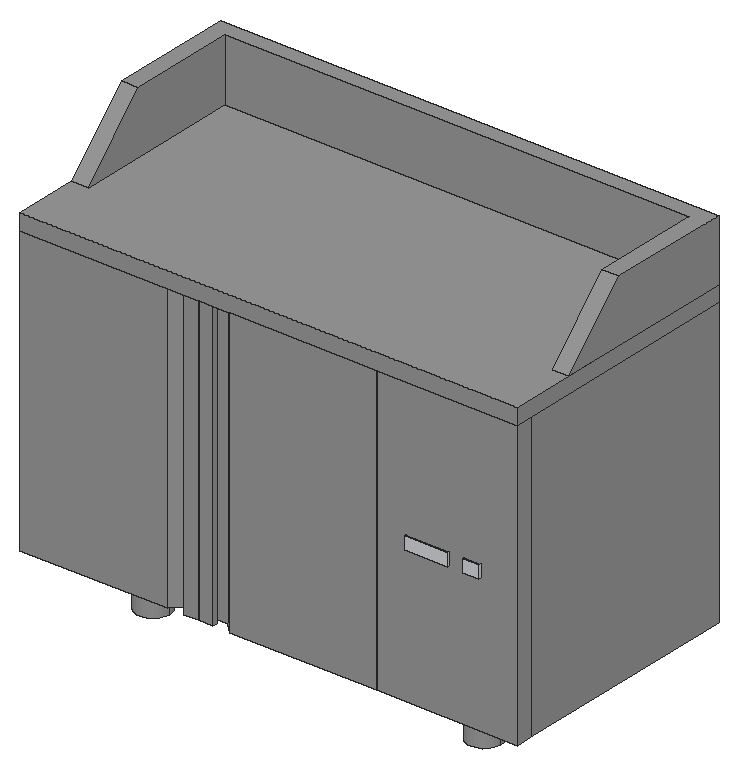
Revit family "Холодильные столы для приготовления пиццы_1", category Оборудование, Revit 2020 (continued)
Lines and regions (mm)
  model lines, visible <- "Боковая панель упр. (3 решетки)", detail levels fine
    curve 777: line (542, -605, 560) -> (562.001, -605, 560)
    curve 778: line (542, -605, 550) -> (562.001, -605, 550)
    curve 779: line (542, -605, 540) -> (562.001, -605, 540)
    curve 780: line (542, -605, 530) -> (562.001, -605, 530)
    curve 781: line (542, -605, 520) -> (562.001, -605, 520)
    curve 782: line (542, -605, 510) -> (562.001, -605, 510)
    curve 783: line (542, -605, 500) -> (562.001, -605, 500)
    curve 784: line (542, -605, 490) -> (562.001, -605, 490)
    curve 785: line (542, -605, 480) -> (562.001, -605, 480)
    curve 786: line (542, -605, 470) -> (562.001, -605, 470)
    curve 787: line (542, -605, 460) -> (562.001, -605, 460)
    curve 788: line (542, -605, 450) -> (562.001, -605, 450)
    curve 789: line (542, -605, 450) -> (542, -605, 600)
Dimensions and locks
  "Высота": plane 4 to plane 2
  plane 6 to plane 4 = 150 mm
  "Глубина": plane 1 "По центру (Вперед/Назад)" to plane 5
  locked: plane 4 to plane 7 at 40
  locked: plane 8 to plane 2 at 120
  equal spacing: plane 10, plane 3 "По центру (Влево/Вправо)", plane 9
  "Ширина": plane 10 to plane 9
  locked: plane 10 to plane 11 at 340
  plane 5 to plane 12 = 40 mm
  equal spacing: plane 7, plane 13, plane 8
  locked: plane 15 to plane 9 at 200
  locked: plane 10 to plane 14 at 200
  locked: plane 5 to plane 17 at 150
  locked: plane 16 to plane 1 "По центру (Вперед/Назад)" at 150
  locked: Extrusion 7 to Extrusion 7 at 4.018
  locked: Extrusion 2 to Extrusion 7 at 90
  locked: Extrusion 8 to Extrusion 8 at 4.018
  Extrusion 8 to Extrusion 8 = 105 mm
  Extrusion 8 to plane 13 to Extrusion 8 = 15 mm, 15 mm
  locked: Extrusion 10 to Extrusion 10 at 40
  locked: Extrusion 10 to Extrusion 10 at 35.251
  locked: plane 18 to plane 11 at 430
  locked: plane 20 to plane 9 at 430
  locked: plane 19 to plane 20 at 430
  locked: Extrusion 10 to Extrusion 10 at 430
  locked: Extrusion 11 to Extrusion 11 at 40
  locked: Extrusion 11 to Extrusion 11 at 35.251
  locked: Extrusion 11 to Extrusion 11 at 430
  locked: Extrusion 12 to Extrusion 12 at 40
  locked: Extrusion 12 to Extrusion 12 at 35.251
  locked: Extrusion 12 to Extrusion 12 at 430
  locked: Extrusion 13 to Extrusion 13 at 40
  locked: Extrusion 13 to Extrusion 13 at 35.251
  locked: Extrusion 13 to Extrusion 13 at 430
  locked: Extrusion 14 to Extrusion 14 at 430
  locked: Extrusion 15 to Extrusion 15 at 430
  locked: Extrusion 16 to Extrusion 16 at 430
  plane 7 to plane 22 to plane 21 to plane 8 = 230 mm, 230 mm, 230 mm
  locked: Extrusion 17 to Extrusion 17 at 40
  locked: Extrusion 17 to Extrusion 17 at 35.251
  locked: Extrusion 17 to Extrusion 17 at 430
  locked: Extrusion 18 to Extrusion 18 at 40
  locked: Extrusion 18 to Extrusion 18 at 35.251
  locked: Extrusion 18 to Extrusion 18 at 430
  locked: Extrusion 19 to Extrusion 19 at 40
  locked: Extrusion 19 to Extrusion 19 at 35.251
  locked: Extrusion 19 to Extrusion 19 at 430
  locked: Extrusion 17 to Extrusion 19 at 40
  locked: Extrusion 20 to Extrusion 20 at 40
  locked: Extrusion 20 to Extrusion 20 at 35.251
  locked: Extrusion 20 to Extrusion 20 at 430
  locked: Extrusion 21 to Extrusion 21 at 15.251
  locked: Extrusion 22 to Extrusion 22 at 66.042
  locked: plane 10 to Extrusion 22 at 93.958
  Extrusion 23 to Extrusion 23 to Extrusion 22 = 31.374 mm locked, 11.126 mm locked
  locked: Extrusion 23 to plane 8 at 37.295
  Extrusion 21 to curve 513 = 66.749 mm
  locked: curve 513 to plane 10 at 66.749
  locked: plane 10 to curve 389 at 572
  curve 537 to Extrusion 24 = 92.013 mm
  curve 535 to Extrusion 24 = 92 mm
  curve 536 to Extrusion 24 = 70 mm
  Extrusion 24 to curve 543 = 38 mm
  curve 545 to Extrusion 24 = 38 mm
  locked: Extrusion 25 to Extrusion 25 at 4.018
  locked: Extrusion 26 to Extrusion 25 at 37.592
  locked: plane 24 to plane 23 at 92
  locked: plane 24 to plane 25 at 340.013
  locked: plane 25 to Extrusion 27 at 40.013
  locked: Extrusion 27 to plane 9 at 40.243
  locked: Extrusion 27 to plane 1 "По центру (Вперед/Назад)" at 40.027
  locked: plane 5 to plane 26 at 155
  locked: plane 27 to plane 26 at 150
  radius of Extrusion 3 sketch curve = 40 mm
  radius of Extrusion 5 sketch curve = 40 mm
  aligned and locked: level to plane 2
  aligned and locked: plane 1 "По центру (Вперед/Назад)" to Extrusion 1 sketch curve
  aligned and locked: plane 8 to Extrusion 1 sketch curve
  aligned and locked: Extrusion 1 to plane 9
  aligned and locked: plane 10 to Extrusion 1
  aligned and locked: Extrusion 2 sketch curve to plane 7
  aligned and locked: plane 11 to Extrusion 2 sketch curve
  aligned and locked: plane 5 to Extrusion 2
  aligned and locked: plane 12 to Extrusion 2
  aligned and locked: Extrusion 1 sketch curve to plane 7
  aligned and locked: plane 12 to Extrusion 1 sketch curve
  aligned and locked: Extrusion 3 to level
  aligned and locked: plane 8 to Extrusion 3
  aligned and locked: Extrusion 4 to level
  aligned and locked: plane 8 to Extrusion 4
  aligned and locked: Extrusion 5 to level
  aligned and locked: plane 8 to Extrusion 5
  aligned and locked: Extrusion 6 to level
  aligned and locked: plane 8 to Extrusion 6
  aligned and locked: Extrusion 7 to plane 5
  aligned and locked: Extrusion 2 to Extrusion 1
  aligned and locked: plane 5 to Extrusion 7
  aligned and locked: Extrusion 8 to plane 5
  aligned and locked: Extrusion 9 sketch curve to plane 5
  aligned and locked: plane 7 to Extrusion 9 sketch curve
  aligned and locked: plane 1 "По центру (Вперед/Назад)" to Extrusion 9 sketch curve
  aligned and locked: Extrusion 9 sketch curve to plane 4
  aligned and locked: Extrusion 9 to Extrusion 1  (x2)
  aligned and locked: plane 7 to Extrusion 10
  aligned and locked: Extrusion 10 to plane 8
  aligned and locked: plane 11 to Extrusion 10
  aligned and locked: plane 18 to Extrusion 10
  aligned and locked: plane 18 to Extrusion 11
  aligned and locked: plane 11 to Extrusion 14
  aligned and locked: Extrusion 15 to plane 9
  aligned and locked: Extrusion 16 to Extrusion 15
  aligned and locked: Extrusion 17 to plane 21
  aligned and locked: plane 10 to Extrusion 17
  aligned and locked: Extrusion 18 to plane 9
  aligned and locked: Extrusion 21 sketch curve to Extrusion 18
  aligned and locked: Extrusion 21 sketch curve to Extrusion 1  (x2)
  aligned and locked: Extrusion 21 to Extrusion 1
  aligned and locked: curve 387 to curve 406
  aligned and locked: curve 511 to curve 530
  aligned and locked: curve 513 to curve 484
  aligned and locked: curve 389 to curve 360
  aligned and locked: Extrusion 22 to plane 5
  aligned and locked: Extrusion 22 to Extrusion 7
  aligned and locked: Extrusion 23 to plane 5
  aligned and locked: Extrusion 23 to Extrusion 22  (x2)
  aligned and locked: Extrusion 24 to Extrusion 1
  aligned and locked: plane 5 to Extrusion 24
  aligned and locked: plane 7 to Extrusion 24
  aligned and locked: Extrusion 24 to plane 8
  aligned and locked: Extrusion 25 to Extrusion 26
  aligned and locked: plane 24 to Extrusion 24
  aligned and locked: plane 25 to Extrusion 24
  aligned and locked: Extrusion 25 to plane 23
  aligned and locked: plane 11 to plane 24
  aligned and locked: Extrusion 27 to plane 4
  aligned and locked: plane 25 to Extrusion 27
  aligned and locked: Extrusion 27 to plane 9
  aligned and locked: Extrusion 27 to plane 26  (x2)
  aligned and locked: plane 6 to Extrusion 27
  aligned and locked: plane 6 to Extrusion 28 sketch curve
  aligned and locked: Extrusion 28 sketch curve to plane 26
  aligned and locked: Extrusion 28 to Extrusion 27  (x2)
  aligned and locked: plane 6 to Extrusion 28
  aligned and locked: Extrusion 29 sketch curve to plane 6
  aligned and locked: plane 26 to Extrusion 29 sketch curve
  aligned and locked: Extrusion 29 to cut or joined group of Extrusion 27, Extrusion 28, Extrusion 29  (x2)
Automatic sketch dimensions
  Extrusion 3 sketch curve to plane 15 = 0 mm
  Extrusion 3 sketch curve to plane 16 = 0 mm
  Extrusion 5 sketch curve to plane 15 = 0 mm
  Extrusion 5 sketch curve to plane 17 = 0 mm
  curve 511 to curve 510 = 190 mm
  curve 530 to curve 529 = 18.028 mm  (x4)
  curve 518 to curve 519 = 18.028 mm  (x2)
  curve 526 to curve 527 = 18.028 mm  (x2)
  curve 530 to curve 531 = 18.028 mm  (x2)
  curve 518 to curve 517 = 18.028 mm  (x4)
  curve 511 to curve 533 = 15 mm  (x3)
  curve 526 to curve 525 = 18.028 mm  (x2)
  curve 510 to curve 515 = 18.028 mm
  curve 522 to curve 521 = 18.028 mm  (x4)
  curve 522 to curve 523 = 18.028 mm  (x2)
  curve 525 to curve 526 = 18.028 mm  (x2)
  curve 515 to curve 514 = 18.028 mm  (x2)
  curve 515 to curve 516 = 18.028 mm  (x2)
  curve 521 to curve 520 = 18.028 mm  (x2)
  curve 527 to curve 528 = 18.028 mm  (x2)
  curve 531 to curve 532 = 18.028 mm  (x2)
  curve 529 to curve 530 = 18.028 mm  (x2)
  curve 523 to curve 524 = 18.028 mm  (x2)
  curve 514 to curve 410 = 13 mm  (x3)
  curve 530 to curve 490 = 13 mm  (x3)
  curve 518 to curve 430 = 13 mm  (x5)
  curve 526 to curve 470 = 13 mm  (x3)
  curve 522 to curve 450 = 13 mm  (x5)
  curve 430 to curve 517 = 10.198 mm  (x2)
  curve 430 to curve 519 = 10.198 mm  (x2)
  curve 450 to curve 521 = 10.198 mm  (x2)
  curve 450 to curve 523 = 10.198 mm  (x2)
  curve 470 to curve 525 = 10.198 mm  (x4)
  curve 470 to curve 527 = 10.198 mm  (x2)
  curve 490 to curve 529 = 10.198 mm  (x2)
  curve 532 to curve 533 = 18.028 mm  (x2)
  curve 490 to curve 531 = 10.198 mm  (x2)
  curve 410 to curve 515 = 10.198 mm  (x2)
  curve 531 to curve 495 = 13 mm  (x3)
  curve 523 to curve 455 = 13 mm  (x5)
  curve 515 to curve 415 = 13 mm  (x3)
  curve 533 to curve 505 = 13 mm  (x3)
  curve 521 to curve 445 = 13 mm  (x3)
  curve 525 to curve 465 = 13 mm  (x3)
  curve 519 to curve 435 = 13 mm  (x3)
  curve 529 to curve 485 = 13 mm  (x3)
  curve 517 to curve 425 = 13 mm  (x3)
  curve 527 to curve 475 = 13 mm  (x3)
  curve 415 to curve 516 = 10.198 mm  (x2)
  curve 435 to curve 520 = 10.198 mm  (x2)
  curve 455 to curve 524 = 10.198 mm  (x2)
  curve 495 to curve 532 = 10.198 mm  (x2)
  curve 475 to curve 528 = 10.198 mm  (x2)
  curve 425 to curve 430 = 18.028 mm  (x2)
  curve 520 to curve 440 = 13 mm  (x3)
  curve 516 to curve 420 = 13 mm  (x3)
  curve 532 to curve 500 = 13 mm  (x3)
  curve 524 to curve 460 = 13 mm  (x3)
  curve 485 to curve 490 = 18.028 mm  (x2)
  curve 445 to curve 450 = 18.028 mm  (x2)
  curve 465 to curve 470 = 18.028 mm  (x2)
  curve 528 to curve 480 = 13 mm  (x3)
  curve 450 to curve 451 = 12.5 mm  (x5)
  curve 430 to curve 431 = 12.5 mm  (x3)
  curve 470 to curve 471 = 12.5 mm  (x5)
  curve 490 to curve 491 = 12.5 mm  (x3)
  curve 410 to curve 411 = 12.5 mm  (x5)
  curve 500 to curve 505 = 18.028 mm  (x2)
  curve 451 to curve 455 = 10.308 mm  (x2)
  curve 491 to curve 485 = 10.308 mm  (x4)
  curve 471 to curve 465 = 10.308 mm  (x4)
  curve 431 to curve 435 = 10.308 mm  (x2)
  curve 491 to curve 495 = 10.308 mm  (x2)
  curve 431 to curve 425 = 10.308 mm  (x2)
  curve 411 to curve 415 = 10.308 mm  (x2)
  curve 471 to curve 475 = 10.308 mm  (x2)
  curve 451 to curve 445 = 10.308 mm  (x4)
  curve 425 to curve 426 = 12.5 mm  (x3)
  curve 435 to curve 436 = 12.5 mm  (x3)
  curve 415 to curve 416 = 12.5 mm  (x3)
  curve 475 to curve 476 = 12.5 mm  (x3)
  curve 465 to curve 466 = 12.5 mm  (x3)
  curve 495 to curve 496 = 12.5 mm  (x3)
  curve 505 to curve 506 = 12.5 mm  (x4)
  curve 445 to curve 446 = 12.5 mm  (x3)
  curve 455 to curve 456 = 12.5 mm  (x5)
  curve 485 to curve 486 = 12.5 mm  (x3)
  curve 486 to curve 480 = 10.308 mm  (x4)
  curve 506 to curve 500 = 10.308 mm  (x4)
  curve 446 to curve 440 = 10.308 mm  (x4)
  curve 466 to curve 460 = 10.308 mm  (x4)
  curve 426 to curve 420 = 10.308 mm  (x4)
  curve 436 to curve 431 = 18.028 mm  (x4)
  curve 480 to curve 481 = 12.5 mm  (x3)
  curve 460 to curve 461 = 12.5 mm  (x3)
  curve 496 to curve 491 = 18.028 mm  (x2)
  curve 440 to curve 441 = 12.5 mm  (x3)
  curve 416 to curve 411 = 18.028 mm  (x2)
  curve 420 to curve 421 = 12.5 mm  (x3)
  curve 446 to curve 451 = 18.028 mm  (x2)
  curve 466 to curve 471 = 18.028 mm  (x2)
  curve 500 to curve 501 = 12.5 mm  (x3)
  curve 411 to curve 412 = 12.5 mm  (x5)
  curve 471 to curve 472 = 12.5 mm  (x5)
  curve 451 to curve 452 = 12.5 mm  (x3)
  curve 491 to curve 492 = 12.5 mm  (x3)
  curve 431 to curve 432 = 12.5 mm  (x3)
  curve 492 to curve 496 = 10.308 mm  (x2)
  curve 432 to curve 426 = 10.308 mm  (x2)
  curve 412 to curve 416 = 10.308 mm  (x2)
  curve 452 to curve 446 = 10.308 mm  (x2)
  curve 501 to curve 506 = 18.028 mm  (x2)
  curve 452 to curve 456 = 10.308 mm  (x2)
  curve 472 to curve 466 = 10.308 mm  (x4)
  curve 492 to curve 486 = 10.308 mm  (x4)
  curve 432 to curve 436 = 10.308 mm  (x2)
  curve 472 to curve 476 = 10.308 mm  (x2)
  curve 486 to curve 487 = 12.5 mm  (x3)
  curve 506 to curve 507 = 12.5 mm  (x4)
  curve 456 to curve 457 = 12.5 mm  (x5)
  curve 426 to curve 427 = 12.5 mm  (x3)
  curve 446 to curve 447 = 12.5 mm  (x3)
  curve 416 to curve 417 = 12.5 mm  (x3)
  curve 466 to curve 467 = 12.5 mm  (x3)
  curve 496 to curve 497 = 12.5 mm  (x3)
  curve 476 to curve 477 = 12.5 mm  (x5)
  curve 436 to curve 437 = 12.5 mm  (x3)
  curve 467 to curve 461 = 10.308 mm  (x4)
  curve 427 to curve 421 = 10.308 mm  (x4)
  curve 487 to curve 481 = 10.308 mm  (x2)
  curve 507 to curve 501 = 10.308 mm  (x2)
  curve 447 to curve 441 = 10.308 mm  (x2)
  curve 447 to curve 452 = 18.028 mm  (x2)
  curve 421 to curve 422 = 12.5 mm  (x3)
  curve 461 to curve 462 = 12.5 mm  (x3)
  curve 441 to curve 442 = 12.5 mm  (x3)
  curve 497 to curve 492 = 18.028 mm  (x2)
  curve 501 to curve 502 = 12.5 mm  (x3)
  curve 437 to curve 432 = 18.028 mm  (x2)
  curve 417 to curve 412 = 18.028 mm  (x2)
  curve 481 to curve 482 = 12.5 mm  (x3)
  curve 467 to curve 472 = 18.028 mm  (x2)
  curve 412 to curve 413 = 12.5 mm  (x5)
  curve 492 to curve 493 = 12.5 mm  (x3)
  curve 472 to curve 473 = 12.5 mm  (x5)
  curve 432 to curve 433 = 12.5 mm  (x3)
  curve 452 to curve 453 = 12.5 mm  (x3)
  curve 433 to curve 427 = 10.308 mm  (x4)
  curve 493 to curve 487 = 10.308 mm  (x4)
  curve 433 to curve 437 = 10.308 mm  (x2)
  curve 502 to curve 507 = 18.028 mm  (x2)
  curve 453 to curve 447 = 10.308 mm  (x2)
  curve 493 to curve 497 = 10.308 mm  (x2)
  curve 453 to curve 457 = 10.308 mm  (x2)
  curve 473 to curve 467 = 10.308 mm  (x4)
  curve 413 to curve 417 = 10.308 mm  (x2)
  curve 473 to curve 477 = 10.308 mm  (x2)
  curve 417 to curve 418 = 12.5 mm  (x3)
  curve 477 to curve 478 = 12.5 mm  (x5)
  curve 437 to curve 438 = 12.5 mm  (x3)
  curve 457 to curve 458 = 12.5 mm  (x3)
  curve 447 to curve 448 = 12.5 mm  (x3)
  curve 497 to curve 498 = 12.5 mm  (x3)
  curve 487 to curve 488 = 12.5 mm  (x3)
  curve 427 to curve 428 = 12.5 mm  (x3)
  curve 467 to curve 468 = 12.5 mm  (x3)
  curve 507 to curve 508 = 12.5 mm  (x4)
  curve 438 to curve 442 = 10.308 mm  (x2)
  curve 458 to curve 462 = 10.308 mm  (x2)
  curve 498 to curve 502 = 10.308 mm  (x2)
  curve 478 to curve 482 = 10.308 mm  (x2)
  curve 418 to curve 422 = 10.308 mm  (x2)
  curve 422 to curve 423 = 12.5 mm  (x3)
  curve 442 to curve 443 = 12.5 mm  (x3)
  curve 488 to curve 493 = 18.028 mm  (x2)
  curve 458 to curve 453 = 18.028 mm  (x2)
  curve 478 to curve 473 = 18.028 mm  (x2)
  curve 482 to curve 483 = 12.5 mm  (x3)
  curve 438 to curve 433 = 18.028 mm  (x2)
  curve 502 to curve 503 = 12.5 mm  (x3)
  curve 462 to curve 463 = 12.5 mm  (x3)
  curve 418 to curve 413 = 18.028 mm  (x2)
  curve 433 to curve 434 = 12.5 mm  (x3)
  curve 453 to curve 454 = 12.5 mm  (x3)
  curve 473 to curve 474 = 12.5 mm  (x5)
  curve 493 to curve 494 = 12.5 mm  (x3)
  curve 413 to curve 414 = 12.5 mm  (x5)
  curve 454 to curve 448 = 10.308 mm  (x2)
  curve 494 to curve 488 = 10.308 mm  (x4)
  curve 434 to curve 438 = 10.308 mm  (x2)
  curve 503 to curve 508 = 18.028 mm  (x2)
  curve 474 to curve 468 = 10.308 mm  (x4)
  curve 474 to curve 478 = 10.308 mm  (x2)
  curve 454 to curve 458 = 10.308 mm  (x2)
  curve 414 to curve 418 = 10.308 mm  (x2)
  curve 434 to curve 428 = 10.308 mm  (x4)
  curve 494 to curve 498 = 10.308 mm  (x2)
  curve 438 to curve 439 = 12.5 mm  (x3)
  curve 478 to curve 479 = 12.5 mm  (x5)
  curve 458 to curve 459 = 12.5 mm  (x3)
  curve 498 to curve 499 = 12.5 mm  (x3)
  curve 418 to curve 419 = 12.5 mm  (x3)
  curve 428 to curve 429 = 12.5 mm  (x3)
  curve 468 to curve 469 = 12.5 mm  (x3)
  curve 448 to curve 449 = 12.5 mm  (x3)
  curve 508 to curve 509 = 12.5 mm  (x4)
  curve 488 to curve 489 = 12.5 mm  (x3)
  curve 439 to curve 443 = 10.308 mm  (x2)
  curve 479 to curve 483 = 10.308 mm  (x2)
  curve 419 to curve 423 = 10.308 mm  (x2)
  curve 459 to curve 463 = 10.308 mm  (x2)
  curve 499 to curve 503 = 10.308 mm  (x2)
  curve 443 to curve 444 = 12.5 mm  (x3)
  curve 503 to curve 504 = 12.5 mm  (x3)
  curve 423 to curve 424 = 12.5 mm  (x3)
  curve 463 to curve 464 = 12.5 mm  (x3)
  curve 419 to curve 414 = 18.028 mm  (x4)
  curve 429 to curve 434 = 18.028 mm  (x2)
  curve 489 to curve 494 = 18.028 mm  (x2)
  curve 483 to curve 484 = 12.5 mm  (x3)
  curve 449 to curve 454 = 18.028 mm  (x2)
  curve 469 to curve 474 = 18.028 mm  (x2)
  curve 444 to curve 449 = 18.028 mm  (x2)
  curve 484 to curve 489 = 18.028 mm  (x2)
  curve 509 to curve 512 = 15 mm  (x3)
  curve 464 to curve 459 = 18.028 mm  (x2)
  curve 424 to curve 429 = 18.028 mm  (x2)
  curve 464 to curve 469 = 18.028 mm  (x2)
  curve 424 to curve 419 = 18.028 mm  (x2)
  curve 484 to curve 479 = 18.028 mm  (x4)
  curve 444 to curve 439 = 18.028 mm  (x2)
  curve 504 to curve 499 = 18.028 mm  (x2)
  curve 459 to curve 464 = 18.028 mm  (x2)
  curve 449 to curve 444 = 18.028 mm  (x2)
  curve 479 to curve 484 = 18.028 mm  (x2)
  curve 419 to curve 424 = 18.028 mm
  curve 533 to curve 511 = 15 mm
  curve 533 to curve 532 = 18.028 mm  (x2)
  curve 501 to curve 500 = 12.5 mm  (x2)
  curve 502 to curve 501 = 12.5 mm  (x2)
  curve 503 to curve 502 = 12.5 mm  (x2)
  curve 504 to curve 503 = 12.5 mm  (x2)
  curve 532 to curve 531 = 18.028 mm  (x2)
  curve 532 to curve 495 = 10.198 mm  (x2)
  curve 500 to curve 496 = 10.308 mm  (x2)
  curve 501 to curve 497 = 10.308 mm  (x2)
  curve 502 to curve 498 = 10.308 mm  (x2)
  curve 503 to curve 499 = 10.308 mm  (x2)
  curve 499 to curve 494 = 18.028 mm  (x2)
  curve 495 to curve 490 = 18.028 mm  (x2)
  curve 495 to curve 491 = 10.308 mm  (x2)
  curve 496 to curve 492 = 10.308 mm  (x2)
  curve 497 to curve 493 = 10.308 mm  (x2)
  curve 531 to curve 530 = 18.028 mm  (x2)
  curve 494 to curve 489 = 18.028 mm  (x2)
  curve 485 to curve 528 = 10.198 mm  (x2)
  curve 481 to curve 480 = 12.5 mm  (x2)
  curve 482 to curve 481 = 12.5 mm  (x2)
  curve 489 to curve 484 = 18.028 mm  (x2)
  curve 489 to curve 483 = 10.308 mm  (x2)
  curve 528 to curve 527 = 18.028 mm  (x2)
  curve 528 to curve 475 = 10.198 mm  (x2)
  curve 527 to curve 526 = 18.028 mm  (x2)
  curve 479 to curve 474 = 18.028 mm  (x2)
  curve 474 to curve 469 = 18.028 mm  (x2)
  curve 469 to curve 464 = 18.028 mm  (x2)
  curve 469 to curve 463 = 10.308 mm  (x2)
  curve 468 to curve 462 = 10.308 mm  (x2)
  curve 465 to curve 524 = 10.198 mm  (x2)
  curve 462 to curve 457 = 18.028 mm  (x2)
  curve 462 to curve 458 = 10.308 mm  (x2)
  curve 463 to curve 459 = 10.308 mm  (x2)
  curve 456 to curve 451 = 18.028 mm  (x2)
  curve 457 to curve 452 = 18.028 mm  (x2)
  curve 457 to curve 453 = 10.308 mm  (x2)
  curve 459 to curve 454 = 18.028 mm  (x2)
  curve 446 to curve 445 = 12.5 mm  (x2)
  curve 447 to curve 446 = 12.5 mm  (x2)
  curve 448 to curve 447 = 12.5 mm  (x2)
  curve 449 to curve 448 = 12.5 mm  (x2)
  curve 445 to curve 520 = 10.198 mm  (x2)
  curve 446 to curve 441 = 18.028 mm  (x2)
  curve 442 to curve 441 = 12.5 mm  (x2)
  curve 443 to curve 442 = 12.5 mm  (x2)
  curve 444 to curve 443 = 12.5 mm  (x2)
  curve 520 to curve 519 = 18.028 mm  (x2)
  curve 520 to curve 435 = 10.198 mm  (x2)
  curve 440 to curve 436 = 10.308 mm  (x2)
  curve 441 to curve 437 = 10.308 mm  (x2)
  curve 442 to curve 438 = 10.308 mm  (x2)
  curve 443 to curve 439 = 10.308 mm  (x2)
  curve 519 to curve 430 = 10.198 mm  (x2)
  curve 436 to curve 432 = 10.308 mm  (x2)
  curve 437 to curve 433 = 10.308 mm  (x2)
  curve 438 to curve 434 = 10.308 mm  (x2)
  curve 430 to curve 425 = 18.028 mm  (x2)
  curve 426 to curve 425 = 12.5 mm  (x2)
  curve 434 to curve 429 = 18.028 mm  (x2)
  curve 429 to curve 424 = 18.028 mm  (x2)
  curve 517 to curve 516 = 18.028 mm  (x2)
  curve 422 to curve 421 = 12.5 mm  (x2)
  curve 423 to curve 422 = 12.5 mm  (x2)
  curve 516 to curve 515 = 18.028 mm  (x2)
  curve 516 to curve 415 = 10.198 mm  (x2)
  curve 422 to curve 418 = 10.308 mm  (x2)
  curve 420 to curve 416 = 10.308 mm  (x2)
  curve 423 to curve 419 = 10.308 mm  (x2)
  curve 421 to curve 417 = 10.308 mm  (x2)
  curve 387 to curve 386 = 190 mm
  curve 406 to curve 405 = 18.028 mm  (x4)
  curve 394 to curve 395 = 18.028 mm  (x2)
  curve 402 to curve 403 = 18.028 mm  (x2)
  curve 406 to curve 407 = 18.028 mm  (x2)
  curve 394 to curve 393 = 18.028 mm  (x3)
  curve 387 to curve 409 = 15 mm  (x3)
  curve 402 to curve 401 = 18.028 mm  (x3)
  curve 386 to curve 391 = 18.028 mm
  curve 398 to curve 397 = 18.028 mm  (x3)
  curve 398 to curve 399 = 18.028 mm  (x2)
  curve 401 to curve 402 = 18.028 mm  (x2)
  curve 391 to curve 390 = 18.028 mm  (x3)
  curve 391 to curve 392 = 18.028 mm  (x2)
  curve 397 to curve 396 = 18.028 mm
  curve 403 to curve 404 = 18.028 mm  (x2)
  curve 407 to curve 408 = 18.028 mm  (x2)
  curve 405 to curve 406 = 18.028 mm  (x2)
  curve 399 to curve 400 = 18.028 mm  (x2)
  curve 390 to curve 286 = 13 mm  (x3)
  curve 406 to curve 366 = 13 mm  (x3)
  curve 394 to curve 306 = 13 mm  (x4)
  curve 402 to curve 346 = 13 mm  (x3)
  curve 398 to curve 326 = 13 mm  (x4)
  curve 306 to curve 393 = 10.198 mm  (x3)
  curve 306 to curve 395 = 10.198 mm  (x2)
  curve 326 to curve 397 = 10.198 mm  (x3)
  curve 326 to curve 399 = 10.198 mm  (x2)
  curve 346 to curve 401 = 10.198 mm  (x3)
  curve 346 to curve 403 = 10.198 mm  (x2)
  curve 366 to curve 405 = 10.198 mm  (x2)
  curve 408 to curve 409 = 18.028 mm  (x2)
  curve 366 to curve 407 = 10.198 mm  (x2)
  curve 286 to curve 391 = 10.198 mm  (x2)
  curve 407 to curve 371 = 13 mm  (x3)
  curve 399 to curve 331 = 13 mm  (x4)
  curve 391 to curve 291 = 13 mm  (x3)
  curve 409 to curve 381 = 13 mm  (x3)
  curve 397 to curve 321 = 13 mm  (x3)
  curve 401 to curve 341 = 13 mm  (x3)
  curve 395 to curve 311 = 13 mm  (x3)
  curve 405 to curve 361 = 13 mm  (x3)
  curve 393 to curve 301 = 13 mm  (x3)
  curve 403 to curve 351 = 13 mm  (x4)
  curve 291 to curve 392 = 10.198 mm  (x2)
  curve 311 to curve 396 = 10.198 mm  (x2)
  curve 331 to curve 400 = 10.198 mm  (x2)
  curve 371 to curve 408 = 10.198 mm  (x2)
  curve 351 to curve 404 = 10.198 mm  (x2)
  curve 301 to curve 306 = 18.028 mm  (x2)
  curve 396 to curve 316 = 13 mm  (x3)
  curve 392 to curve 296 = 13 mm  (x3)
  curve 408 to curve 376 = 13 mm  (x3)
  curve 400 to curve 336 = 13 mm  (x3)
  curve 361 to curve 366 = 18.028 mm  (x2)
  curve 321 to curve 326 = 18.028 mm  (x2)
  curve 341 to curve 346 = 18.028 mm  (x2)
  curve 404 to curve 356 = 13 mm  (x3)
  curve 326 to curve 327 = 12.5 mm  (x4)
  curve 306 to curve 307 = 12.5 mm  (x4)
  curve 346 to curve 347 = 12.5 mm  (x5)
  curve 366 to curve 367 = 12.5 mm  (x4)
  curve 286 to curve 287 = 12.5 mm  (x5)
  curve 376 to curve 381 = 18.028 mm  (x2)
  curve 327 to curve 331 = 10.308 mm  (x2)
  curve 367 to curve 361 = 10.308 mm  (x4)
  curve 347 to curve 341 = 10.308 mm  (x4)
  curve 307 to curve 311 = 10.308 mm  (x2)
  curve 367 to curve 371 = 10.308 mm  (x2)
  curve 307 to curve 301 = 10.308 mm  (x3)
  curve 287 to curve 291 = 10.308 mm  (x2)
  curve 347 to curve 351 = 10.308 mm  (x2)
  curve 327 to curve 321 = 10.308 mm  (x4)
  curve 301 to curve 302 = 12.5 mm  (x3)
  curve 311 to curve 312 = 12.5 mm  (x4)
  curve 291 to curve 292 = 12.5 mm  (x4)
  curve 351 to curve 352 = 12.5 mm  (x4)
  curve 341 to curve 342 = 12.5 mm  (x3)
  curve 371 to curve 372 = 12.5 mm  (x3)
  curve 381 to curve 382 = 12.5 mm  (x5)
  curve 321 to curve 322 = 12.5 mm  (x3)
  curve 331 to curve 332 = 12.5 mm  (x5)
  curve 361 to curve 362 = 12.5 mm  (x3)
  curve 362 to curve 356 = 10.308 mm  (x3)
  curve 382 to curve 376 = 10.308 mm  (x3)
  curve 322 to curve 316 = 10.308 mm  (x4)
  curve 342 to curve 336 = 10.308 mm  (x3)
  curve 302 to curve 296 = 10.308 mm  (x3)
  curve 312 to curve 307 = 18.028 mm  (x3)
  curve 356 to curve 357 = 12.5 mm  (x3)
  curve 336 to curve 337 = 12.5 mm  (x3)
  curve 372 to curve 367 = 18.028 mm  (x2)
  curve 316 to curve 317 = 12.5 mm  (x3)
  curve 292 to curve 287 = 18.028 mm  (x2)
  curve 296 to curve 297 = 12.5 mm  (x3)
  curve 322 to curve 327 = 18.028 mm  (x2)
  curve 342 to curve 347 = 18.028 mm  (x2)
  curve 376 to curve 377 = 12.5 mm  (x3)
  curve 287 to curve 288 = 12.5 mm  (x4)
  curve 347 to curve 348 = 12.5 mm  (x5)
  curve 327 to curve 328 = 12.5 mm  (x3)
  curve 367 to curve 368 = 12.5 mm  (x4)
  curve 307 to curve 308 = 12.5 mm  (x4)
  curve 368 to curve 372 = 10.308 mm  (x2)
  curve 308 to curve 302 = 10.308 mm  (x3)
  curve 288 to curve 292 = 10.308 mm  (x2)
  curve 328 to curve 322 = 10.308 mm  (x3)
  curve 377 to curve 382 = 18.028 mm  (x2)
  curve 328 to curve 332 = 10.308 mm  (x2)
  curve 348 to curve 342 = 10.308 mm  (x4)
  curve 368 to curve 362 = 10.308 mm  (x3)
  curve 308 to curve 312 = 10.308 mm  (x2)
  curve 348 to curve 352 = 10.308 mm  (x2)
  curve 362 to curve 363 = 12.5 mm  (x3)
  curve 382 to curve 383 = 12.5 mm  (x5)
  curve 332 to curve 333 = 12.5 mm  (x5)
  curve 302 to curve 303 = 12.5 mm  (x3)
  curve 322 to curve 323 = 12.5 mm  (x3)
  curve 292 to curve 293 = 12.5 mm  (x3)
  curve 342 to curve 343 = 12.5 mm  (x3)
  curve 372 to curve 373 = 12.5 mm  (x3)
  curve 352 to curve 353 = 12.5 mm  (x5)
  curve 312 to curve 313 = 12.5 mm  (x4)
  curve 343 to curve 337 = 10.308 mm  (x3)
  curve 303 to curve 297 = 10.308 mm  (x3)
  curve 363 to curve 357 = 10.308 mm  (x2)
  curve 383 to curve 377 = 10.308 mm  (x2)
  curve 323 to curve 317 = 10.308 mm  (x2)
  curve 323 to curve 328 = 18.028 mm  (x2)
  curve 297 to curve 298 = 12.5 mm  (x3)
  curve 337 to curve 338 = 12.5 mm  (x3)
  curve 317 to curve 318 = 12.5 mm  (x3)
  curve 373 to curve 368 = 18.028 mm  (x2)
  curve 377 to curve 378 = 12.5 mm  (x3)
  curve 313 to curve 308 = 18.028 mm  (x2)
  curve 293 to curve 288 = 18.028 mm  (x2)
  curve 357 to curve 358 = 12.5 mm  (x3)
  curve 343 to curve 348 = 18.028 mm  (x2)
  curve 288 to curve 289 = 12.5 mm  (x4)
  curve 368 to curve 369 = 12.5 mm  (x4)
  curve 348 to curve 349 = 12.5 mm  (x5)
  curve 308 to curve 309 = 12.5 mm  (x4)
  curve 328 to curve 329 = 12.5 mm  (x3)
  curve 309 to curve 303 = 10.308 mm  (x4)
  curve 369 to curve 363 = 10.308 mm  (x3)
  curve 309 to curve 313 = 10.308 mm  (x2)
  curve 378 to curve 383 = 18.028 mm  (x2)
  curve 329 to curve 323 = 10.308 mm  (x3)
  curve 369 to curve 373 = 10.308 mm  (x2)
  curve 329 to curve 333 = 10.308 mm  (x2)
  curve 349 to curve 343 = 10.308 mm  (x4)
  curve 289 to curve 293 = 10.308 mm  (x2)
  curve 349 to curve 353 = 10.308 mm  (x2)
  curve 293 to curve 294 = 12.5 mm  (x3)
  curve 353 to curve 354 = 12.5 mm  (x5)
  curve 313 to curve 314 = 12.5 mm  (x3)
  curve 333 to curve 334 = 12.5 mm  (x4)
  curve 323 to curve 324 = 12.5 mm  (x3)
  curve 373 to curve 374 = 12.5 mm  (x3)
  curve 363 to curve 364 = 12.5 mm  (x3)
  curve 303 to curve 304 = 12.5 mm  (x3)
  curve 343 to curve 344 = 12.5 mm  (x3)
  curve 383 to curve 384 = 12.5 mm  (x5)
  curve 314 to curve 318 = 10.308 mm  (x2)
  curve 334 to curve 338 = 10.308 mm  (x2)
  curve 374 to curve 378 = 10.308 mm  (x2)
  curve 354 to curve 358 = 10.308 mm  (x2)
  curve 294 to curve 298 = 10.308 mm  (x2)
  curve 298 to curve 299 = 12.5 mm  (x3)
  curve 318 to curve 319 = 12.5 mm  (x3)
  curve 364 to curve 369 = 18.028 mm  (x2)
  curve 334 to curve 329 = 18.028 mm  (x2)
  curve 354 to curve 349 = 18.028 mm
  curve 358 to curve 359 = 12.5 mm  (x3)
  curve 314 to curve 309 = 18.028 mm  (x2)
  curve 378 to curve 379 = 12.5 mm  (x3)
  curve 338 to curve 339 = 12.5 mm  (x3)
  curve 294 to curve 289 = 18.028 mm  (x2)
  curve 309 to curve 310 = 12.5 mm  (x3)
  curve 329 to curve 330 = 12.5 mm  (x3)
  curve 349 to curve 350 = 12.5 mm  (x5)
  curve 369 to curve 370 = 12.5 mm  (x4)
  curve 289 to curve 290 = 12.5 mm  (x4)
  curve 330 to curve 324 = 10.308 mm  (x3)
  curve 370 to curve 364 = 10.308 mm  (x3)
  curve 310 to curve 314 = 10.308 mm  (x2)
  curve 379 to curve 384 = 18.028 mm  (x2)
  curve 350 to curve 344 = 10.308 mm  (x4)
  curve 350 to curve 354 = 10.308 mm  (x2)
  curve 330 to curve 334 = 10.308 mm  (x2)
  curve 290 to curve 294 = 10.308 mm  (x2)
  curve 310 to curve 304 = 10.308 mm  (x4)
  curve 370 to curve 374 = 10.308 mm  (x2)
  curve 314 to curve 315 = 12.5 mm  (x4)
  curve 354 to curve 355 = 12.5 mm  (x5)
  curve 334 to curve 335 = 12.5 mm  (x4)
  curve 374 to curve 375 = 12.5 mm  (x3)
  curve 294 to curve 295 = 12.5 mm  (x4)
  curve 304 to curve 305 = 12.5 mm  (x3)
  curve 344 to curve 345 = 12.5 mm  (x3)
  curve 324 to curve 325 = 12.5 mm  (x3)
  curve 384 to curve 385 = 12.5 mm  (x5)
  curve 364 to curve 365 = 12.5 mm  (x3)
  curve 315 to curve 319 = 10.308 mm  (x2)
  curve 355 to curve 359 = 10.308 mm  (x2)
  curve 295 to curve 299 = 10.308 mm  (x2)
  curve 335 to curve 339 = 10.308 mm  (x2)
  curve 375 to curve 379 = 10.308 mm  (x2)
  curve 319 to curve 320 = 12.5 mm  (x3)
  curve 379 to curve 380 = 12.5 mm  (x3)
  curve 299 to curve 300 = 12.5 mm  (x3)
  curve 339 to curve 340 = 12.5 mm  (x3)
  curve 295 to curve 290 = 18.028 mm  (x3)
  curve 305 to curve 310 = 18.028 mm  (x2)
  curve 365 to curve 370 = 18.028 mm  (x2)
  curve 359 to curve 360 = 12.5 mm  (x3)
  curve 325 to curve 330 = 18.028 mm  (x2)
  curve 345 to curve 350 = 18.028 mm  (x2)
  curve 320 to curve 325 = 18.028 mm  (x2)
  curve 360 to curve 365 = 18.028 mm  (x2)
  curve 385 to curve 388 = 15 mm  (x5)
  curve 340 to curve 335 = 18.028 mm  (x3)
  curve 300 to curve 305 = 18.028 mm  (x2)
  curve 340 to curve 345 = 18.028 mm  (x2)
  curve 300 to curve 295 = 18.028 mm  (x3)
  curve 360 to curve 355 = 18.028 mm  (x3)
  curve 320 to curve 315 = 18.028 mm  (x3)
  curve 380 to curve 375 = 18.028 mm  (x2)
  curve 335 to curve 340 = 18.028 mm
  curve 325 to curve 320 = 18.028 mm  (x2)
  curve 355 to curve 360 = 18.028 mm
  curve 295 to curve 300 = 18.028 mm
  curve 409 to curve 387 = 15 mm
  curve 409 to curve 408 = 18.028 mm  (x2)
  curve 377 to curve 376 = 12.5 mm  (x2)
  curve 378 to curve 377 = 12.5 mm  (x2)
  curve 379 to curve 378 = 12.5 mm  (x2)
  curve 380 to curve 379 = 12.5 mm  (x2)
  curve 408 to curve 407 = 18.028 mm  (x2)
  curve 408 to curve 371 = 10.198 mm
  curve 376 to curve 372 = 10.308 mm  (x2)
  curve 377 to curve 373 = 10.308 mm  (x2)
  curve 378 to curve 374 = 10.308 mm  (x2)
  curve 379 to curve 375 = 10.308 mm  (x2)
  curve 375 to curve 370 = 18.028 mm  (x2)
  curve 371 to curve 366 = 18.028 mm
  curve 371 to curve 367 = 10.308 mm
  curve 372 to curve 368 = 10.308 mm
  curve 373 to curve 369 = 10.308 mm
  curve 407 to curve 406 = 18.028 mm  (x2)
  curve 370 to curve 365 = 18.028 mm
  curve 361 to curve 404 = 10.198 mm  (x2)
  curve 357 to curve 356 = 12.5 mm  (x2)
  curve 358 to curve 357 = 12.5 mm  (x2)
  curve 365 to curve 360 = 18.028 mm
  curve 365 to curve 359 = 10.308 mm
  curve 404 to curve 403 = 18.028 mm
  curve 404 to curve 351 = 10.198 mm
  curve 403 to curve 402 = 18.028 mm  (x2)
  curve 355 to curve 350 = 18.028 mm
  curve 350 to curve 345 = 18.028 mm  (x2)
  curve 345 to curve 340 = 18.028 mm  (x2)
  curve 345 to curve 339 = 10.308 mm  (x2)
  curve 344 to curve 338 = 10.308 mm  (x2)
  curve 341 to curve 400 = 10.198 mm
  curve 338 to curve 333 = 18.028 mm
  curve 338 to curve 334 = 10.308 mm
  curve 339 to curve 335 = 10.308 mm
  curve 332 to curve 327 = 18.028 mm
  curve 333 to curve 328 = 18.028 mm
  curve 333 to curve 329 = 10.308 mm  (x2)
  curve 335 to curve 330 = 18.028 mm
  curve 322 to curve 321 = 12.5 mm
  curve 323 to curve 322 = 12.5 mm
  curve 324 to curve 323 = 12.5 mm
  curve 325 to curve 324 = 12.5 mm
  curve 321 to curve 396 = 10.198 mm  (x2)
  curve 322 to curve 317 = 18.028 mm
  curve 318 to curve 317 = 12.5 mm  (x2)
  curve 319 to curve 318 = 12.5 mm  (x2)
  curve 320 to curve 319 = 12.5 mm
  curve 396 to curve 395 = 18.028 mm  (x2)
  curve 396 to curve 311 = 10.198 mm
  curve 316 to curve 312 = 10.308 mm
  curve 317 to curve 313 = 10.308 mm  (x2)
  curve 318 to curve 314 = 10.308 mm
  curve 319 to curve 315 = 10.308 mm
  curve 395 to curve 306 = 10.198 mm
  curve 312 to curve 308 = 10.308 mm
  curve 313 to curve 309 = 10.308 mm  (x2)
  curve 314 to curve 310 = 10.308 mm  (x2)
  curve 306 to curve 301 = 18.028 mm
  curve 302 to curve 301 = 12.5 mm
  curve 310 to curve 305 = 18.028 mm  (x2)
  curve 305 to curve 300 = 18.028 mm  (x2)
  curve 393 to curve 392 = 18.028 mm
  curve 298 to curve 297 = 12.5 mm  (x2)
  curve 299 to curve 298 = 12.5 mm
  curve 392 to curve 391 = 18.028 mm
  curve 392 to curve 291 = 10.198 mm
  curve 298 to curve 294 = 10.308 mm
  curve 296 to curve 292 = 10.308 mm  (x2)
  curve 299 to curve 295 = 10.308 mm
  curve 297 to curve 293 = 10.308 mm  (x2)
  curve 514 to curve 515 = 18.028 mm
  curve 504 to curve 509 = 18.028 mm
  curve 419 to curve 510 = 18.028 mm
  curve 505 to curve 533 = 13 mm
  curve 506 to curve 505 = 12.5 mm
  curve 507 to curve 506 = 12.5 mm
  curve 508 to curve 507 = 12.5 mm
  curve 509 to curve 508 = 12.5 mm
  curve 512 to curve 509 = 15 mm
  curve 515 to curve 510 = 18.028 mm
  curve 387 to curve 389 = 273 mm
  curve 388 to curve 511 = 232.251 mm  (x2)
  curve 389 to curve 511 = 232.251 mm
  curve 387 to curve 390 = 190 mm
  curve 390 to curve 391 = 18.028 mm
  curve 393 to curve 394 = 18.028 mm
  curve 395 to curve 396 = 18.028 mm
  curve 397 to curve 398 = 18.028 mm
  curve 291 to curve 286 = 18.028 mm
  curve 344 to curve 349 = 18.028 mm
  curve 409 to curve 387 = 45 mm
  curve 381 to curve 376 = 18.028 mm
  curve 376 to curve 371 = 18.028 mm
  curve 362 to curve 361 = 12.5 mm
  curve 363 to curve 362 = 12.5 mm
  curve 364 to curve 363 = 12.5 mm
  curve 365 to curve 364 = 12.5 mm
  curve 356 to curve 404 = 13 mm
  curve 359 to curve 358 = 12.5 mm
  curve 360 to curve 359 = 12.5 mm
  curve 359 to curve 355 = 10.308 mm
  curve 354 to curve 350 = 10.308 mm
  curve 401 to curve 400 = 18.028 mm
  curve 336 to curve 400 = 13 mm
  curve 337 to curve 336 = 12.5 mm
  curve 400 to curve 399 = 18.028 mm
  curve 331 to curve 327 = 10.308 mm
  curve 332 to curve 328 = 10.308 mm
  curve 334 to curve 330 = 10.308 mm
  curve 399 to curve 326 = 10.198 mm
  curve 399 to curve 398 = 18.028 mm
  curve 330 to curve 325 = 18.028 mm
  curve 317 to curve 316 = 12.5 mm
  curve 395 to curve 394 = 18.028 mm
  curve 301 to curve 392 = 10.198 mm
  curve 296 to curve 392 = 13 mm
  curve 297 to curve 296 = 12.5 mm
  curve 305 to curve 299 = 10.308 mm
  curve 291 to curve 287 = 10.308 mm
  curve 292 to curve 288 = 10.308 mm
  curve 293 to curve 289 = 10.308 mm
  curve 294 to curve 290 = 10.308 mm
  Extrusion 2 sketch curve to plane 8 = 0 mm
  Extrusion 2 sketch curve to plane 10 = 0 mm
  Extrusion 4 sketch curve to plane 14 = 0 mm
  Extrusion 4 sketch curve to plane 16 = 0 mm
  Extrusion 6 sketch curve to plane 14 = 0 mm
  Extrusion 6 sketch curve to plane 17 = 0 mm
  Extrusion 7 sketch curve to plane 13 = 15 mm
  plane 14 to Extrusion 7 sketch curve = 70 mm
  Extrusion 7 sketch curve to Extrusion 7 sketch curve = 40 mm
  plane 13 to Extrusion 7 sketch curve = 15 mm
  Extrusion 8 sketch curve to plane 13 = 15 mm
  plane 11 to Extrusion 8 sketch curve = 70 mm
  plane 14 to Extrusion 8 sketch curve = 35 mm
  plane 13 to Extrusion 8 sketch curve = 15 mm
  Extrusion 10 sketch curve to plane 12 = 0 mm
  Extrusion 10 sketch curve to plane 18 = 0 mm
  plane 5 to Extrusion 10 sketch curve = 0 mm  (x2)
  Extrusion 10 sketch curve to plane 11 = 0 mm
  plane 18 to Extrusion 10 sketch curve = 15.251 mm
  Extrusion 10 sketch curve to Extrusion 10 sketch curve = 20 mm
  Extrusion 10 sketch curve to Extrusion 10 sketch curve = 15 mm  (x2)
  Extrusion 10 sketch curve to Extrusion 10 sketch curve = 24.749 mm
  Extrusion 10 sketch curve to plane 5 = 9.749 mm
  Extrusion 11 sketch curve to plane 12 = 0 mm
  Extrusion 11 sketch curve to plane 18 = 0 mm
  plane 5 to Extrusion 11 sketch curve = 0 mm  (x2)
  plane 19 to Extrusion 11 sketch curve = 860 mm
  plane 18 to Extrusion 11 sketch curve = 15.251 mm
  Extrusion 11 sketch curve to Extrusion 11 sketch curve = 20 mm
  Extrusion 11 sketch curve to Extrusion 11 sketch curve = 15 mm  (x2)
  Extrusion 11 sketch curve to Extrusion 11 sketch curve = 24.749 mm
  Extrusion 11 sketch curve to Extrusion 11 sketch curve = 9.749 mm
  Extrusion 12 sketch curve to plane 12 = 0 mm
  Extrusion 12 sketch curve to plane 20 = 0 mm
  plane 5 to Extrusion 12 sketch curve = 0 mm  (x2)
  Extrusion 12 sketch curve to plane 9 = 0 mm
  plane 20 to Extrusion 12 sketch curve = 15.251 mm
  Extrusion 12 sketch curve to Extrusion 12 sketch curve = 20 mm
  Extrusion 12 sketch curve to Extrusion 12 sketch curve = 15 mm  (x2)
  Extrusion 12 sketch curve to Extrusion 12 sketch curve = 24.749 mm
  Extrusion 12 sketch curve to Extrusion 12 sketch curve = 9.749 mm
  Extrusion 13 sketch curve to plane 12 = 0 mm
  Extrusion 13 sketch curve to plane 20 = 0 mm
  plane 5 to Extrusion 13 sketch curve = 0 mm  (x2)
  Extrusion 13 sketch curve to plane 19 = 0 mm
  plane 20 to Extrusion 13 sketch curve = 15.251 mm
  Extrusion 13 sketch curve to Extrusion 13 sketch curve = 20 mm
  Extrusion 13 sketch curve to Extrusion 13 sketch curve = 15 mm  (x2)
  Extrusion 13 sketch curve to Extrusion 13 sketch curve = 24.749 mm
  Extrusion 13 sketch curve to plane 5 = 9.749 mm
  Extrusion 14 sketch curve to plane 5 = 0 mm  (x2)
  Extrusion 14 sketch curve to plane 12 = 0 mm
  Extrusion 14 sketch curve to plane 13 = 0 mm
  Extrusion 14 sketch curve to plane 7 = 0 mm
  Extrusion 14 sketch curve to plane 5 = 15 mm
  Extrusion 14 sketch curve to Extrusion 14 sketch curve = 9.749 mm
  Extrusion 14 sketch curve to plane 7 = 69.749 mm
  Extrusion 14 sketch curve to Extrusion 14 sketch curve = 24.749 mm
  Extrusion 14 sketch curve to Extrusion 14 sketch curve = 10 mm
  Extrusion 14 sketch curve to plane 7 = 15 mm
  Extrusion 15 sketch curve to plane 5 = 0 mm  (x2)
  Extrusion 15 sketch curve to plane 12 = 0 mm
  Extrusion 15 sketch curve to plane 13 = 0 mm
  Extrusion 15 sketch curve to plane 7 = 0 mm
  Extrusion 15 sketch curve to plane 5 = 15 mm
  Extrusion 15 sketch curve to Extrusion 15 sketch curve = 9.749 mm
  Extrusion 15 sketch curve to Extrusion 15 sketch curve = 69.749 mm
  Extrusion 15 sketch curve to Extrusion 15 sketch curve = 24.749 mm
  Extrusion 15 sketch curve to Extrusion 15 sketch curve = 10 mm
  Extrusion 15 sketch curve to plane 7 = 15 mm
  Extrusion 16 sketch curve to plane 5 = 0 mm  (x2)
  Extrusion 16 sketch curve to plane 12 = 0 mm
  Extrusion 16 sketch curve to plane 13 = 0 mm
  Extrusion 16 sketch curve to plane 7 = 0 mm
  Extrusion 16 sketch curve to plane 5 = 15 mm
  Extrusion 16 sketch curve to Extrusion 16 sketch curve = 9.749 mm
  Extrusion 16 sketch curve to Extrusion 16 sketch curve = 69.749 mm
  Extrusion 16 sketch curve to Extrusion 16 sketch curve = 24.749 mm
  Extrusion 16 sketch curve to Extrusion 16 sketch curve = 10 mm
  Extrusion 16 sketch curve to plane 7 = 15 mm
  Extrusion 17 sketch curve to plane 12 = 0 mm
  plane 5 to Extrusion 17 sketch curve = 0 mm  (x2)
  Extrusion 17 sketch curve to plane 10 = 0 mm
  Extrusion 17 sketch curve to plane 11 = 15 mm
  Extrusion 17 sketch curve to plane 12 = 15.251 mm
  Extrusion 17 sketch curve to Extrusion 17 sketch curve = 24.749 mm
  Extrusion 17 sketch curve to plane 5 = 9.749 mm
  Extrusion 17 sketch curve to Extrusion 17 sketch curve = 15 mm
  Extrusion 17 sketch curve to Extrusion 17 sketch curve = 20 mm
  Extrusion 17 sketch curve to Extrusion 17 sketch curve = 15.251 mm
  Extrusion 18 sketch curve to plane 12 = 0 mm
  Extrusion 18 sketch curve to plane 20 = 0 mm
  plane 5 to Extrusion 18 sketch curve = 0 mm  (x2)
  Extrusion 18 sketch curve to plane 9 = 0 mm
  plane 20 to Extrusion 18 sketch curve = 15.251 mm
  Extrusion 18 sketch curve to Extrusion 18 sketch curve = 20 mm
  Extrusion 18 sketch curve to Extrusion 18 sketch curve = 15 mm  (x2)
  Extrusion 18 sketch curve to Extrusion 18 sketch curve = 24.749 mm
  Extrusion 18 sketch curve to Extrusion 18 sketch curve = 9.749 mm
  Extrusion 19 sketch curve to plane 12 = 0 mm
  plane 5 to Extrusion 19 sketch curve = 0 mm  (x2)
  plane 11 to Extrusion 19 sketch curve = 130 mm
  Extrusion 19 sketch curve to Extrusion 19 sketch curve = 15.251 mm
  Extrusion 19 sketch curve to Extrusion 19 sketch curve = 20 mm
  Extrusion 19 sketch curve to Extrusion 19 sketch curve = 15 mm  (x2)
  Extrusion 19 sketch curve to Extrusion 19 sketch curve = 24.749 mm
  plane 3 "По центру (Влево/Вправо)" to Extrusion 19 sketch curve = 300 mm
  Extrusion 19 sketch curve to Extrusion 19 sketch curve = 9.749 mm
  Extrusion 20 sketch curve to plane 12 = 0 mm
  plane 5 to Extrusion 20 sketch curve = 0 mm  (x2)
  plane 20 to Extrusion 20 sketch curve = 40 mm
  Extrusion 20 sketch curve to Extrusion 20 sketch curve = 15.251 mm
  Extrusion 20 sketch curve to Extrusion 20 sketch curve = 20 mm
  Extrusion 20 sketch curve to Extrusion 20 sketch curve = 15 mm  (x2)
  Extrusion 20 sketch curve to Extrusion 20 sketch curve = 24.749 mm
  plane 19 to Extrusion 20 sketch curve = 40 mm
  Extrusion 20 sketch curve to plane 5 = 9.749 mm
  Extrusion 21 sketch curve to Extrusion 21 sketch curve = 230 mm
  curve 387 to Extrusion 21 = 20 mm
  curve 387 to curve 386 = 273 mm
  curve 511 to Extrusion 21 = 20 mm
  curve 513 to Extrusion 21 = 66.749 mm
  curve 389 to Extrusion 21 = 20 mm
  curve 514 to Extrusion 21 = 20 mm
  curve 345 to curve 340 = 15 mm
  curve 375 to curve 380 = 15 mm
  curve 365 to curve 360 = 15 mm
  curve 305 to curve 300 = 15 mm
  curve 355 to curve 360 = 15 mm
  curve 295 to curve 300 = 15 mm
  curve 335 to curve 340 = 15 mm
  curve 325 to curve 320 = 15 mm
  curve 315 to curve 320 = 15 mm
  curve 370 to curve 365 = 15 mm
  curve 310 to curve 315 = 15 mm
  curve 300 to curve 305 = 15 mm
  curve 350 to curve 355 = 15 mm
  curve 360 to curve 355 = 15 mm
  curve 290 to curve 295 = 15 mm
  curve 330 to curve 335 = 15 mm
  curve 320 to curve 315 = 15 mm
  curve 380 to curve 385 = 15 mm
  curve 340 to curve 335 = 15 mm
  curve 385 to curve 379 = 2.5 mm
  curve 305 to curve 299 = 2.5 mm
  curve 365 to curve 359 = 2.5 mm
  curve 375 to curve 379 = 2.5 mm
  curve 295 to curve 299 = 2.5 mm
  curve 335 to curve 339 = 2.5 mm
  curve 325 to curve 319 = 2.5 mm
  curve 315 to curve 319 = 2.5 mm
  curve 355 to curve 359 = 2.5 mm
  curve 345 to curve 339 = 2.5 mm
  curve 290 to curve 294 = 2.5 mm
  curve 370 to curve 364 = 2.5 mm
  curve 310 to curve 314 = 2.5 mm
  curve 330 to curve 334 = 2.5 mm
  curve 350 to curve 354 = 2.5 mm
  curve 359 to curve 354 = 15 mm
  curve 379 to curve 384 = 15 mm
  curve 299 to curve 294 = 15 mm
  curve 339 to curve 334 = 15 mm
  curve 319 to curve 324 = 15 mm
  curve 384 to curve 378 = 2.5 mm
  curve 314 to curve 318 = 2.5 mm
  curve 304 to curve 298 = 2.5 mm
  curve 334 to curve 338 = 2.5 mm
  curve 294 to curve 298 = 2.5 mm
  curve 324 to curve 318 = 2.5 mm
  curve 374 to curve 378 = 2.5 mm
  curve 364 to curve 358 = 2.5 mm
  curve 354 to curve 358 = 2.5 mm
  curve 344 to curve 338 = 2.5 mm
  curve 309 to curve 313 = 2.5 mm
  curve 329 to curve 333 = 2.5 mm
  curve 289 to curve 293 = 2.5 mm
  curve 369 to curve 373 = 2.5 mm
  curve 349 to curve 353 = 2.5 mm
  curve 378 to curve 383 = 15 mm
  curve 338 to curve 333 = 15 mm
  curve 298 to curve 303 = 15 mm
  curve 358 to curve 353 = 15 mm
  curve 318 to curve 323 = 15 mm
  curve 343 to curve 337 = 2.5 mm
  curve 373 to curve 377 = 2.5 mm
  curve 313 to curve 317 = 2.5 mm
  curve 323 to curve 317 = 2.5 mm
  curve 353 to curve 357 = 2.5 mm
  curve 383 to curve 377 = 2.5 mm
  curve 363 to curve 357 = 2.5 mm
  curve 293 to curve 297 = 2.5 mm
  curve 333 to curve 337 = 2.5 mm
  curve 303 to curve 297 = 2.5 mm
  curve 288 to curve 292 = 2.5 mm
  curve 368 to curve 372 = 2.5 mm
  curve 328 to curve 322 = 2.5 mm
  curve 308 to curve 312 = 2.5 mm
  curve 348 to curve 352 = 2.5 mm
  curve 297 to curve 302 = 15 mm
  curve 337 to curve 342 = 15 mm
  curve 357 to curve 352 = 15 mm
  curve 377 to curve 382 = 15 mm
  curve 317 to curve 322 = 15 mm
  curve 312 to curve 316 = 2.5 mm
  curve 332 to curve 336 = 2.5 mm
  curve 302 to curve 296 = 2.5 mm
  curve 342 to curve 336 = 2.5 mm
  curve 352 to curve 356 = 2.5 mm
  curve 382 to curve 376 = 2.5 mm
  curve 292 to curve 296 = 2.5 mm
  curve 362 to curve 356 = 2.5 mm
  curve 372 to curve 376 = 2.5 mm
  curve 322 to curve 316 = 2.5 mm
  curve 347 to curve 351 = 2.5 mm
  curve 287 to curve 291 = 2.5 mm
  curve 307 to curve 301 = 2.5 mm
  curve 327 to curve 321 = 2.5 mm
  curve 367 to curve 371 = 2.5 mm
  curve 296 to curve 291 = 15 mm
  curve 356 to curve 351 = 15 mm
  curve 316 to curve 311 = 15 mm
  curve 376 to curve 381 = 15 mm
  curve 336 to curve 331 = 15 mm
  curve 351 to curve 404 = 2 mm
  curve 301 to curve 392 = 2 mm
  curve 291 to curve 392 = 2 mm
  curve 311 to curve 396 = 2 mm
  curve 361 to curve 404 = 2 mm
  curve 321 to curve 396 = 2 mm
  curve 331 to curve 400 = 2 mm
  curve 341 to curve 400 = 2 mm
  curve 371 to curve 408 = 2 mm
  curve 381 to curve 408 = 2 mm
  curve 306 to curve 395 = 2 mm
  curve 366 to curve 407 = 2 mm
  curve 346 to curve 403 = 2 mm
  curve 326 to curve 399 = 2 mm
  curve 286 to curve 391 = 2 mm
  curve 392 to curve 393 = 15 mm
  curve 408 to curve 409 = 15 mm
  curve 404 to curve 405 = 15 mm
  curve 400 to curve 399 = 15 mm
  curve 396 to curve 397 = 15 mm
  curve 405 to curve 404 = 15 mm
  curve 386 to curve 391 = 15 mm
  curve 394 to curve 393 = 15 mm
  curve 403 to curve 404 = 15 mm
  curve 406 to curve 407 = 15 mm
  curve 394 to curve 395 = 15 mm
  curve 402 to curve 401 = 15 mm
  curve 398 to curve 397 = 15 mm
  curve 398 to curve 399 = 15 mm
  curve 530 to curve 531 = 15 mm
  curve 526 to curve 525 = 15 mm
  curve 510 to curve 515 = 15 mm
  curve 522 to curve 523 = 15 mm
  curve 518 to curve 517 = 15 mm
  curve 530 to curve 529 = 15 mm
  curve 522 to curve 521 = 15 mm
  curve 526 to curve 527 = 15 mm
  curve 518 to curve 519 = 15 mm
  curve 519 to curve 520 = 15 mm
  curve 529 to curve 530 = 15 mm
  curve 521 to curve 522 = 15 mm
  curve 515 to curve 516 = 15 mm
  curve 525 to curve 524 = 15 mm
  curve 515 to curve 514 = 15 mm
  curve 527 to curve 528 = 15 mm
  curve 531 to curve 532 = 15 mm
  curve 525 to curve 526 = 15 mm
  curve 517 to curve 518 = 15 mm
  curve 532 to curve 533 = 15 mm
  curve 430 to curve 519 = 2 mm
  curve 450 to curve 523 = 2 mm
  curve 430 to curve 517 = 2 mm
  curve 490 to curve 531 = 2 mm
  curve 490 to curve 529 = 2 mm
  curve 410 to curve 515 = 2 mm
  curve 470 to curve 525 = 2 mm
  curve 450 to curve 521 = 2 mm
  curve 470 to curve 527 = 2 mm
  curve 435 to curve 520 = 2 mm
  curve 475 to curve 528 = 2 mm
  curve 425 to curve 516 = 2 mm
  curve 465 to curve 524 = 2 mm
  curve 495 to curve 532 = 2 mm
  curve 435 to curve 430 = 15 mm
  curve 445 to curve 450 = 15 mm
  curve 485 to curve 490 = 15 mm
  curve 465 to curve 470 = 15 mm
  curve 415 to curve 410 = 15 mm
  curve 471 to curve 465 = 2.5 mm
  curve 451 to curve 455 = 2.5 mm
  curve 451 to curve 445 = 2.5 mm
  curve 491 to curve 485 = 2.5 mm
  curve 411 to curve 415 = 2.5 mm
  curve 431 to curve 425 = 2.5 mm
  curve 500 to curve 505 = 15 mm
  curve 471 to curve 475 = 2.5 mm
  curve 491 to curve 495 = 2.5 mm
  curve 431 to curve 435 = 2.5 mm
  curve 426 to curve 420 = 2.5 mm
  curve 476 to curve 480 = 2.5 mm
  curve 446 to curve 440 = 2.5 mm
  curve 466 to curve 460 = 2.5 mm
  curve 496 to curve 500 = 2.5 mm
  curve 416 to curve 411 = 15 mm
  curve 466 to curve 471 = 15 mm
  curve 436 to curve 431 = 15 mm
  curve 486 to curve 491 = 15 mm
  curve 456 to curve 451 = 15 mm
  curve 492 to curve 486 = 2.5 mm
  curve 472 to curve 466 = 2.5 mm
  curve 501 to curve 506 = 15 mm
  curve 432 to curve 436 = 2.5 mm
  curve 412 to curve 416 = 2.5 mm
  curve 432 to curve 426 = 2.5 mm
  curve 452 to curve 456 = 2.5 mm
  curve 452 to curve 446 = 2.5 mm
  curve 492 to curve 496 = 2.5 mm
  curve 472 to curve 476 = 2.5 mm
  curve 497 to curve 501 = 2.5 mm
  curve 447 to curve 441 = 2.5 mm
  curve 467 to curve 461 = 2.5 mm
  curve 427 to curve 421 = 2.5 mm
  curve 477 to curve 481 = 2.5 mm
  curve 417 to curve 412 = 15 mm
  curve 437 to curve 432 = 15 mm
  curve 457 to curve 452 = 15 mm
  curve 487 to curve 492 = 15 mm
  curve 477 to curve 472 = 15 mm
  curve 453 to curve 457 = 2.5 mm
  curve 493 to curve 487 = 2.5 mm
  curve 433 to curve 437 = 2.5 mm
  curve 502 to curve 507 = 15 mm
  curve 473 to curve 467 = 2.5 mm
  curve 493 to curve 497 = 2.5 mm
  curve 433 to curve 427 = 2.5 mm
  curve 453 to curve 447 = 2.5 mm
  curve 413 to curve 417 = 2.5 mm
  curve 473 to curve 477 = 2.5 mm
  curve 458 to curve 462 = 2.5 mm
  curve 498 to curve 502 = 2.5 mm
  curve 478 to curve 482 = 2.5 mm
  curve 438 to curve 442 = 2.5 mm
  curve 418 to curve 422 = 2.5 mm
  curve 458 to curve 453 = 15 mm
  curve 478 to curve 473 = 15 mm
  curve 418 to curve 413 = 15 mm
  curve 438 to curve 433 = 15 mm
  curve 488 to curve 493 = 15 mm
  curve 494 to curve 498 = 2.5 mm
  curve 494 to curve 488 = 2.5 mm
  curve 414 to curve 418 = 2.5 mm
  curve 503 to curve 508 = 15 mm
  curve 454 to curve 448 = 2.5 mm
  curve 454 to curve 458 = 2.5 mm
  curve 434 to curve 428 = 2.5 mm
  curve 474 to curve 468 = 2.5 mm
  curve 474 to curve 478 = 2.5 mm
  curve 434 to curve 438 = 2.5 mm
  curve 479 to curve 483 = 2.5 mm
  curve 419 to curve 423 = 2.5 mm
  curve 439 to curve 443 = 2.5 mm
  curve 459 to curve 463 = 2.5 mm
  curve 499 to curve 503 = 2.5 mm
  curve 469 to curve 474 = 15 mm
  curve 449 to curve 454 = 15 mm
  curve 419 to curve 414 = 15 mm
  curve 429 to curve 434 = 15 mm
  curve 489 to curve 494 = 15 mm
  curve 444 to curve 449 = 15 mm
  curve 464 to curve 469 = 15 mm
  curve 424 to curve 419 = 15 mm
  curve 424 to curve 429 = 15 mm
  curve 494 to curve 489 = 15 mm
  curve 504 to curve 499 = 15 mm
  curve 464 to curve 459 = 15 mm
  curve 484 to curve 479 = 15 mm
  curve 444 to curve 439 = 15 mm
  curve 533 to Extrusion 21 = 20 mm
  curve 509 to curve 512 = 0 mm
  curve 508 to curve 509 = 0 mm
  curve 507 to curve 508 = 0 mm
  curve 506 to curve 507 = 0 mm
  curve 505 to curve 506 = 0 mm
  curve 409 to Extrusion 21 = 20 mm
  curve 385 to curve 388 = 0 mm
  curve 384 to curve 385 = 0 mm
  curve 383 to curve 384 = 0 mm
  curve 382 to curve 383 = 0 mm
  curve 381 to curve 382 = 0 mm
  curve 381 to curve 376 = 10 mm
  curve 377 to curve 376 = 0 mm
  curve 378 to curve 377 = 0 mm
  curve 379 to curve 378 = 0 mm
